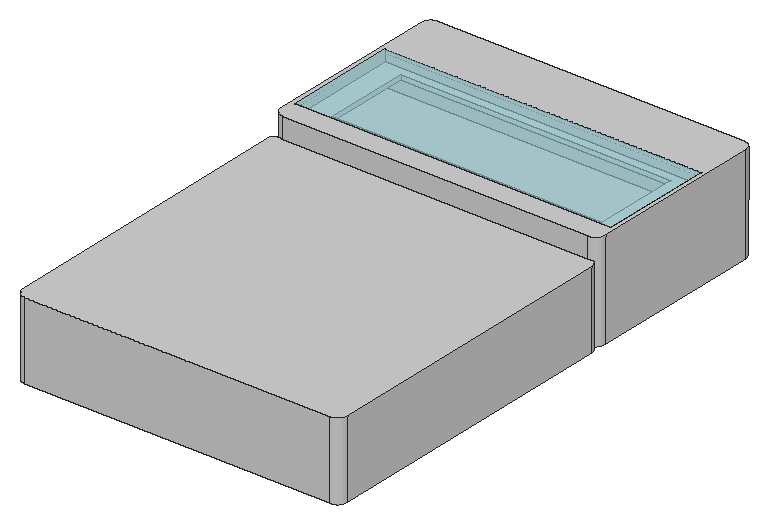
Revit family "Building-QuadriIEC309-GEWISS-68QDIN-QUADRI-PRESE-14MOD_CIECO_DOPPIO", category Apparecchi elettrici, host Superficie, Revit 2019
Family settings
  Host = Superficie
  Mantenere orientamento annotazione = Sì
  Quota connettore circolare = Usa diametro
  Tipo di parte = Normale
  Taglio con vuoti quando caricato = No
  Condiviso = No
  Punto di calcolo locali = Sì
Parameters (values of type "GW68007N - Q-DIN 14M COP.CIECO 510x320x135 IP65")
  visibilita posizionamento 2d [instance] = yes
  simbolo 2d [instance] = yes
  oggetto in pianta [instance] = not(visibilita posizionamento 2d)  # no
  distanza_simbolo [instance] = 0.1 mm
  bordo acceso [instance] = yes
  Visibilità sportello [instance] = yes
  Versione file RFA = "21.5"
  VETRO = Vetro
  URL = "https://www.gewiss.com/it/it"
  Tipologia di installazione = "Da parete"
  Tipo versione = "Vuoto"
  Termopressione con biglia = "70 °C"
  Temperatura di utilizzo = "-25 +40 °C"
  Spostamento_effettivo_S [instance] = 4000 mm - Spostamento_S  # 3000 mm
  Spostamento_S = 1000 mm
  Simbolo_quadro [instance] = not(simbolo 2d)  # no
  Scheda Tecnica = "https://www.gewiss.com/it/it/search?q=GW68007N"
  STRUTTURA ALTA = Poche
  STRUTTURA = RAL - 7035
  SEO = "Quadretto"
  Resistenza agli urti = "IK09"
  Default Elevation = 1219.2 mm
  Produttore = "GEWISS S.p.A."
  Potenza dissipabile B (W) = "64"
  Potenza dissipabile A (W) = "24"
  PRESA = rosso
  POMELLO = bianco
  N_Moduli = 14 mm
  N. prese alloggiabili = "Coperchio cieco"
  N. mod. EN 50022 = "14"
  N. coperchi ciechi in dotazione = "-"
  Modello = "GW68007N"
  L_Moduli = N_Moduli * 19  # 266 mm
  Immagine tipo = GW68007N.jpg
  IDT = "5858c0d8-961a-4254-a97b-2dfffa1f665c"
  IDF = "98e9c67e-2f70-4624-9f1a-35073c126d72"
  Grado di protezione = "IP65"
  Glow Wire Test = "650°C"
  Descrizione = "Q-DIN 14M COP.CIECO 510x320x135 IP65"
  Creato da GEWISS S.p.A. = ""
  ConformitÃ  normativa = "EN 60208 - EN 60670-1 - IEC 60670-24"
  Colore = "Grigio RAL 7035"
  Codice Electrocod = "2242"
  Codice EAN = "8011564744783"
  Classe isolamento = "II"
  Catalogo Serie = "68 QDIN"
  Catalogo = "BUILDING"
  COBie.Tagnumber = ""
  COBie.CreatedOn = ""
  COBie.CreatebBy = ""
  COBie.ComponentRegisterItemID = ""
  COBie.Component.TagNumber = ""
  COBie.Component.Space = ""
  COBie.Component.SerialNumber = ""
  COBie.Component.InstallationDate = ""
  COBie.Component.Description = ""
  COBie.Component.BarCode = ""
Reference planes
  plane 1 "Centro (Fronte/Retro)": y = 0
  plane 2: z = 0
  plane 3 "Centro (Sinistra/Destra)": x = 0
  plane 4: x = -3000
  plane 5: x = 0
Lines and regions (mm)
  Masking region 1, visible <- "visibilita posizionamento 2d"
    outline origin (0, 0, 0) x (1, 0, 0) y (0, 0, 1)
      loop
        line (-160, 0) -> (160, 0) -> (160, 96) -> (-160, 96) -> (-160, 0)
Dimensions and locks
  plane 4 to plane 3 "Centro (Sinistra/Destra)" = 3000 mm
  "Spostamento_effettivo_S": plane 4 to plane 5
  aligned and locked: plane 2 to host face
  aligned and locked: level to host face
  aligned and locked: nested 1 to plane 5
  aligned and locked: nested 3 to plane 5
  aligned and locked: nested 2 to plane 5
  aligned and locked: plane 1 "Centro (Fronte/Retro)" to nested 2
  aligned and locked: plane 3 "Centro (Sinistra/Destra)" to nested 2
Automatic sketch dimensions
  host sketch curve to host sketch curve = 2438.4 mm  (x2)
  Masking region 1 sketch curve to level = 0 mm
  Masking region 1 sketch curve to plane 3 "Centro (Sinistra/Destra)" = 160 mm
  plane 3 "Centro (Sinistra/Destra)" to Masking region 1 sketch curve = 160 mm
  Masking region 1 sketch curve to Masking region 1 sketch curve = 96 mm
Nested families
  nested 1: "CENTRALINO" at (0, 737.795, 0), BORDO ACCESO <- "bordo acceso", SIMBOLO ACCESO <- "simbolo 2d", Distanza dal muro <- "distanza_simbolo", visible <- "simbolo 2d", type "CENTRALINO"
    with SIMBOLO ACCESO yes, Distanza dal muro 0.1 mm, BORDO ACCESO yes
  nested 2: "base___68QDIN14 QUADRO DISTRIBUZ VUOTO ALTO" at (0, 318, 0), Visibilita sportello <- "Visibilità sportello", type "base___68QDIN14 QUADRO DISTRIBUZ VUOTO ALTO", detail levels medium+fine
  nested 3: "simb_CENTRALINO_BASE_cad pro" at (0, 737.795, 0), Distanza dal muro <- "distanza_simbolo", visible <- "Simbolo_quadro", SIMBOLO ACCESO <- "Simbolo_quadro", type "simb_CENTRALINO_BASE_cad pro"
    with SIMBOLO ACCESO no, Distanza dal muro 0.1 mm, BORDO ACCESO yes
Definition of nested family "base___68QDIN14 QUADRO DISTRIBUZ VUOTO ALTO"
  Parameters (values of type "base___68QDIN14 QUADRO DISTRIBUZ VUOTO ALTO")
    n_moduli = 145 mm
    h_moduli = 94 mm
    Visibilita sportello [instance] = yes
    Vetro = none
    Struttura = none
    Spessore = 96 mm
    Default Elevation = 14 mm
    Presa = none
    Larghezza = 320 mm
    IFC.TypeObject = ""
    IFC.ExportType = ""
    IFC.ExportAs = ""
    H_da terra = 589.057 mm
    COBie.CreatedOn = ""
    COBie.CreatebBy = ""
    COBie.ComponentRegisterItemID = ""
    COBie.Component.TagNumber = ""
    COBie.Component.Space = ""
    COBie.Component.SerialNumber = ""
    COBie.Component.InstallationDate = ""
    COBie.Component.Description = ""
    COBie.Component.BarCode = ""
    Altezza scatole = 350 mm
    Altezza quadro = 150 mm
    Altezza = 258 mm
  Reference planes
    plane 1 "Centro (Fronte/Retro)": y = 0
    plane 2: z = 0
    plane 3 "Centro (Sinistra/Destra)": x = 0
    plane 4: z = 62.089
    plane 5: z = 103.126
    plane 6: z = 76.196
    plane 7: x = -160
    plane 8: x = 160
    plane 9: x = -156
    plane 10: x = 156
    plane 11: y = 123.21
    plane 12: y = 21.246
    plane 13: y = 0
    plane 14: y = -318
    plane 15: y = 192
    plane 16: z = 71.196
    plane 17: y = 133
    plane 18: y = 39
    plane 19: x = -72.5
    plane 20: x = 72.5
    plane 21: z = 92.059
    plane 22: z = 96
    plane 23 "posizionamento moduli": z = 84.734
    plane 24: z = 80.558
    plane 25: y = 86
    plane 26: x = -151.65
    plane 27: x = 151.65
    plane 28: y = -131
  Forms (mm)
    Extrusion 1, solid, material <- "Struttura"
      sketch origin (0, -857.311, 0) x (1, 0, 0) y (0, 1, 0)
        loop
          arc (-150, 1049.311) -> (-157.071, 1046.382) -> (-160, 1039.311) r 10
          line (-160, 1039.311) -> (-160, 867.311)
          arc (-160, 867.311) -> (-157.071, 860.24) -> (-150, 857.311) r 10
          line (-150, 857.311) -> (150, 857.311)
          arc (150, 857.311) -> (157.071, 860.24) -> (160, 867.311) r 10
          line (160, 867.311) -> (160, 1039.311)
          arc (160, 1039.311) -> (157.071, 1046.382) -> (150, 1049.311) r 10
          line (150, 1049.311) -> (-150, 1049.311)
      from 0 to 96
    Extrusion 2, solid, material <- "Struttura"
      sketch origin (0, -857.311, 0) x (1, 0, 0) y (0, 1, 0)
        loop
          line (152.45, 857.311) -> (-156.38, 857.311)
          arc (-156.38, 857.311) -> (-158.94, 856.251) -> (-160, 853.691) r 3.62
          line (-160, 853.691) -> (-160, 549.311)
          arc (-160, 549.311) -> (-157.071, 542.24) -> (-150, 539.311) r 10
          line (-150, 539.311) -> (150, 539.311)
          arc (150, 539.311) -> (157.071, 542.24) -> (160, 549.311) r 10
          line (160, 549.311) -> (160, 849.76)
          arc (160, 849.76) -> (157.789, 855.099) -> (152.45, 857.311) r 7.55
      from 0 to 76.196
    Extrusion 3, void
      sketch origin (0, -857.311, 0) x (1, 0, 0) y (0, 1, 0)
        loop
          line (-156, 990.311) -> (-156, 878.557) -> (156, 878.557) -> (156, 990.311) -> (-156, 990.311)
      from 62.089 to 96
    Extrusion 4, solid, material <- "Vetro", visible <- "Visibilita sportello", detail levels fine
      sketch origin (0, -857.311, 0) x (1, 0, 0) y (0, 1, 0)
        loop
          line (-156, 990.311) -> (-156, 878.557) -> (156, 878.557) -> (156, 990.311) -> (-156, 990.311)
      from 92.059 to 96
    Extrusion 5, void
      sketch origin (0, 0, 0) x (1, 0, 0) y (0, 1, 0)
        loop
          line (-72.5, 39) -> (72.5, 39) -> (72.5, 123.21) -> (-72.5, 123.21) -> (-72.5, 39)
      from 80.558 to 84.734
    Extrusion 6, solid
      sketch origin (0, 0, 0) x (1, 0, 0) y (0, 1, 0)
        loop
          line (-156, 133) -> (-156, 21.246) -> (156, 21.246) -> (156, 133) -> (-156, 133)
      from 80.558 to 84.734
  Cuts and joins
    Extrusion 3 cuts Extrusion 1
    Extrusion 5 cuts Extrusion 6
    Extrusion 5 cuts Extrusion 4
  Lines and regions (mm)
    model lines
      curve 1: line (-72.5, 86, 84.734) -> (72.5, 86, 84.734)
  Dimensions and locks
    locked: plane 4 to plane 5 at 41.036
    locked: plane 7 to plane 9 at 4
    locked: plane 10 to plane 8 at 4
    equal spacing: plane 7, plane 3 "Centro (Sinistra/Destra)", plane 8
    "Larghezza": plane 7 to plane 8
    plane 12 to plane 1 "Centro (Fronte/Retro)" = 21.246 mm
    locked: plane 6 to plane 16 at 5
    locked: plane 15 to plane 17 at 59
    "h_moduli": plane 17 to plane 18
    equal spacing: plane 19, plane 3 "Centro (Sinistra/Destra)", plane 20
    "n_moduli": plane 19 to plane 20
    locked: plane 22 to plane 21 at 3.941
    plane 6 to plane 2 = 76.196 mm
    locked: plane 21 to plane 23 "posizionamento moduli" at 7.325
    locked: plane 23 "posizionamento moduli" to plane 24 at 4.176
    equal spacing: plane 17, plane 25, plane 18
    locked: plane 7 to plane 26 at 8.35
    locked: plane 27 to plane 8 at 8.35
    plane 14 to plane 15 = 510 mm
    plane 1 "Centro (Fronte/Retro)" to plane 15 = 192 mm
    radius of Extrusion 2 sketch curve = 10 mm  (x2)
    radius of Extrusion 2 sketch curve = 3.62 mm
    radius of Extrusion 2 sketch curve = 7.55 mm
    radius of Extrusion 1 sketch curve = 10 mm  (x4)
    aligned and locked: level to plane 2
    aligned and locked: cut or joined group of Extrusion 1, Extrusion 3 to plane 4  (x2)
    aligned and locked: Extrusion 2 to plane 6
    aligned and locked: plane 7 to Extrusion 2 sketch curve
    aligned and locked: plane 8 to Extrusion 2 sketch curve
    aligned and locked: plane 8 to Extrusion 1 sketch curve
    aligned and locked: plane 7 to Extrusion 1 sketch curve
    aligned and locked: Extrusion 4 sketch curve to plane 9
    aligned and locked: Extrusion 4 sketch curve to plane 10
    aligned and locked: Extrusion 3 sketch curve to plane 9
    aligned and locked: Extrusion 3 sketch curve to plane 10
    aligned and locked: Extrusion 4 sketch curve to plane 12
    aligned and locked: Extrusion 3 sketch curve to plane 12
    aligned and locked: plane 13 to Extrusion 1 sketch curve
    aligned and locked: Extrusion 2 sketch curve to plane 13
    aligned and locked: plane 14 to Extrusion 2 sketch curve
    aligned and locked: plane 1 "Centro (Fronte/Retro)" to plane 13
    aligned and locked: plane 15 to Extrusion 1 sketch curve
    aligned and locked: Extrusion 5 sketch curve to plane 19
    aligned and locked: Extrusion 5 sketch curve to plane 18
    aligned and locked: Extrusion 5 sketch curve to plane 20
    aligned and locked: cut or joined group of Extrusion 1, Extrusion 3 to plane 22
    aligned and locked: plane 23 "posizionamento moduli" to Extrusion 5
    aligned and locked: Extrusion 5 to plane 24
    aligned and locked: Extrusion 6 sketch curve to plane 12
    aligned and locked: Extrusion 6 to plane 24
    aligned and locked: plane 23 "posizionamento moduli" to Extrusion 6
    aligned and locked: Extrusion 6 sketch curve to Extrusion 4  (x2)
    aligned and locked: plane 25 to curve 1
    aligned and locked: Extrusion 4 sketch curve to plane 17
    aligned and locked: Extrusion 5 sketch curve to plane 11
    aligned and locked: Extrusion 3 sketch curve to plane 17
    aligned and locked: Extrusion 6 sketch curve to plane 17
  Automatic sketch dimensions
    curve 1 to plane 19 = 0 mm
    curve 1 to plane 20 = 0 mm
Definition of nested family "CENTRALINO"
  Parameters (values of type "CENTRALINO")
    SIMBOLO ACCESO [instance] = yes
    Distanza dal muro [instance] = 0 mm
    BORDO ACCESO [instance] = yes
  Reference planes
    plane 1: y = 0
    plane 2: x = 0
  Dimensions and locks
    "Distanza dal muro": plane 1 to nested 1
    aligned and locked: plane 2 to nested 1
  Nested families
    nested 1: "CENTRALINO_BASE" at (0, 0, 0), BORDO ACCESO <- "BORDO ACCESO", visible <- "SIMBOLO ACCESO", type "CENTRALINO"
      with BORDO ACCESO yes
  Definition of nested family "CENTRALINO_BASE"
    Parameters (values of type "CENTRALINO")
      Distanza dal muro = 0 mm
      BORDO ACCESO [instance] = yes
    Reference planes
      plane 1: y = 0
      plane 2: x = 0
    Lines and regions (mm)
      detail lines, visible <- "BORDO ACCESO", not visible
        curve 1: line (-2.443, 10.208, 0) -> (2.057, 10.208, 0)
        curve 2: line (2.057, 10.208, 0) -> (2.057, 4.208, 0)
        curve 3: line (2.057, 4.208, 0) -> (-2.443, 4.208, 0)
        curve 4: line (-2.443, 4.208, 0) -> (-2.443, 10.208, 0)
        curve 5: line (-2.043, 9.808, 0) -> (1.657, 9.808, 0)
        curve 6: line (1.657, 9.808, 0) -> (1.657, 4.608, 0)
        curve 7: line (1.657, 4.608, 0) -> (-2.043, 4.608, 0)
        curve 8: line (-2.043, 4.608, 0) -> (-2.043, 9.808, 0)
      detail lines
        curve 9: line (0, 0.671, 0) -> (0, 0, 0)
        curve 10: line (0.659, 0.671, 0) -> (0.659, 1.33, 0)
        curve 11: line (0.659, 1.33, 0) -> (-0.659, 1.33, 0)
        curve 12: line (-0.659, 1.33, 0) -> (-0.659, 0.671, 0)
        curve 13: line (-0.659, 0.671, 0) -> (0.659, 0.671, 0)
        curve 14: line (0.497, 1.33, 0) -> (0.497, 2, 0)
        curve 15: line (0.167, 1.33, 0) -> (0.167, 2, 0)
        curve 16: line (-0.162, 1.33, 0) -> (-0.162, 2, 0)
        curve 17: line (-0.491, 1.33, 0) -> (-0.491, 2, 0)
Definition of nested family "simb_CENTRALINO_BASE_cad pro"
  Parameters (values of type "simb_CENTRALINO_BASE_cad pro")
    SIMBOLO ACCESO [instance] = yes
    Distanza dal muro [instance] = 0 mm
    BORDO ACCESO [instance] = yes
  Reference planes
    plane 1: y = 0
    plane 2: x = 0
  Dimensions and locks
    "Distanza dal muro": plane 1 to nested 1
    aligned and locked: plane 2 to nested 1
  Nested families
    nested 1: "CENTRALINO_BASE_cad pro" at (0, 0, 0), type "CENTRALINO"
  Definition of nested family "CENTRALINO_BASE_cad pro"
    Parameters (values of type "CENTRALINO")
      Distanza dal muro = 0 mm
    Reference planes
      plane 1: y = 0
      plane 2: x = 0
    Lines and regions (mm)
      detail lines
        curve 1: line (1.33, 1.33, 0) -> (2.109, 1.33, 0)
        curve 2: line (2.109, 1.33, 0) -> (2.109, 0, 0)
        curve 3: line (2.109, 0, 0) -> (1.33, 0, 0)
        curve 4: line (1.33, 0, 0) -> (-1.33, 1.33, 0)
        curve 5: line (-1.33, 1.33, 0) -> (1.33, 1.33, 0)
        curve 6: line (1.33, 1.33, 0) -> (1.33, 0, 0)
        curve 7: line (1.33, 0, 0) -> (-1.33, 0, 0)
        curve 8: line (-1.33, 0, 0) -> (-1.33, 1.33, 0)
        curve 9: line (1.461, 0.665, 0) -> (1.977, 0.665, 0)
        curve 10: line (1.719, 0.665, 0) -> (1.719, 1.01, 0)
        curve 11: arc (1.977, 0.406, 0) -> (1.719, 0.665, 0) -> (1.461, 0.406, 0) r 0.258
